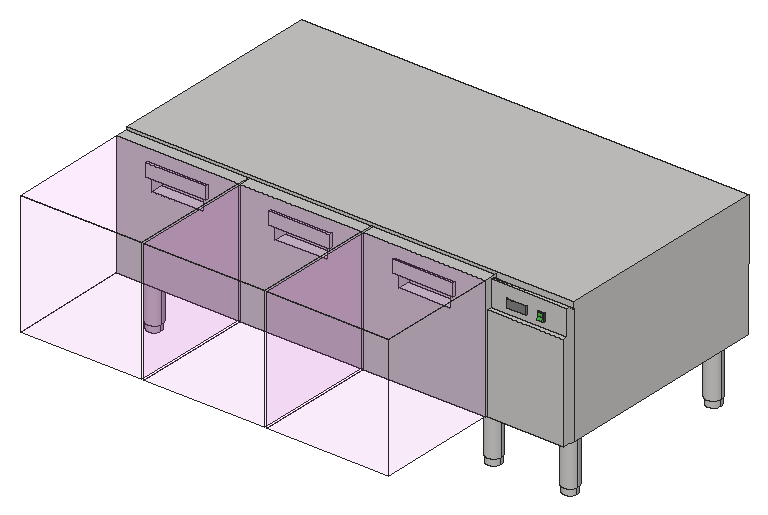
Revit family "QF_ELECTROLUXPROFESSIONAL_391600_E9TTBECOMKN", category Specialty Equipment, Revit 2018 (continued)
Lines and regions (mm)
  Split face 146
    outline origin (966.896, -448, 142.29) x (0, 0, -1) y (1, 0, 0)
      loop
        line (-116.984, -242.399) -> (-85.025, -242.399)
  Split face 147
    outline origin (978.896, -448, 142.29) x (0, 0, -1) y (1, 0, 0)
      loop
        arc (-85.025, -242.399) -> (-81.004, -238.41) -> (-85.004, -234.4) r 4
        line (-85.004, -234.4) -> (-117.004, -234.4)
        arc (-117.004, -234.4) -> (-121.004, -238.41) -> (-116.984, -242.399) r 4
        line (-116.984, -242.399) -> (-85.025, -242.399)
  Split face 148
    outline origin (990.896, -448, 142.29) x (0, 0, -1) y (1, 0, 0)
      loop
        arc (-85.025, -242.399) -> (-81.004, -238.41) -> (-85.004, -234.4) r 4
        line (-85.004, -234.4) -> (-117.004, -234.4)
        arc (-117.004, -234.4) -> (-121.004, -238.41) -> (-116.984, -242.399) r 4
        line (-116.984, -242.399) -> (-85.025, -242.399)
  Split face 149
    outline origin (1002.896, -448, 142.29) x (0, 0, -1) y (1, 0, 0)
      loop
        arc (-85.025, -242.399) -> (-81.004, -238.41) -> (-85.004, -234.4) r 4
        line (-85.004, -234.4) -> (-117.004, -234.4)
        arc (-117.004, -234.4) -> (-121.004, -238.41) -> (-116.984, -242.399) r 4
        line (-116.984, -242.399) -> (-85.025, -242.399)
  Split face 150
    outline origin (1014.896, -448, 142.29) x (0, 0, -1) y (1, 0, 0)
      loop
        arc (-85.025, -242.399) -> (-81.004, -238.41) -> (-85.004, -234.4) r 4
        line (-85.004, -234.4) -> (-117.004, -234.4)
        arc (-117.004, -234.4) -> (-121.004, -238.41) -> (-116.984, -242.399) r 4
        line (-116.984, -242.399) -> (-85.025, -242.399)
  Split face 151
    outline origin (787, -448, 142.29) x (0, 0, -1) y (1, 0, 0)
      loop
        arc (-85.025, -240.599) -> (-81.004, -236.61) -> (-85.004, -232.599) r 4
        line (-85.004, -232.599) -> (-117.004, -232.599)
        arc (-117.004, -232.599) -> (-121.004, -236.61) -> (-116.984, -240.599) r 4
        line (-116.984, -240.599) -> (-85.025, -240.599)
  symbolic lines, style "SpecialityEquipmentHiddenLines"
    curve 1: line (-799, 380, 0) -> (799, 380, 0)
    curve 2: line (-799, -448, 0) -> (-799, 380, 0)
    curve 3: line (799, -448, 0) -> (-799, -448, 0)
    curve 4: line (799, 380, 0) -> (799, -448, 0)
    curve 17: line (-799, -403, 0) -> (799, -403, 0)
  symbolic lines, style "QF_Door-Drawer Clearances"
    curve 5: line (-779, -448, 0) -> (-779, -573, 0)
    curve 6: line (-384.999, -573, 0) -> (-384.999, -448, 0)
    curve 7: line (-336.669, -448, 0) -> (-336.669, -573, 0)
    curve 8: line (57.331, -573, 0) -> (57.331, -448, 0)
    curve 9: line (-799, -573, 0) -> (-364.999, -573, 0)
    curve 10: line (-356.669, -573, 0) -> (77.331, -573, 0)
    curve 11: line (-799, -613, 0) -> (-364.999, -613, 0)
    curve 12: line (-356.669, -613, 0) -> (77.331, -613, 0)
    curve 13: line (-364.999, -613, 0) -> (-364.999, -573, 0)
    curve 14: line (-356.669, -573, 0) -> (-356.669, -613, 0)
    curve 15: line (-799, -573, 0) -> (-799, -613, 0)
    curve 16: line (77.331, -613, 0) -> (77.331, -573, 0)
    curve 18: line (105.661, -448, 0) -> (105.661, -573, 0)
    curve 19: line (499.661, -573, 0) -> (499.661, -448, 0)
    curve 20: line (85.661, -573, 0) -> (519.661, -573, 0)
    curve 21: line (85.661, -613, 0) -> (519.661, -613, 0)
    curve 22: line (85.661, -573, 0) -> (85.661, -613, 0)
    curve 23: line (519.661, -613, 0) -> (519.661, -573, 0)
Dimensions and locks
  plane 4 to level = 200 mm
  plane 5 "TOP" to level = 650 mm
  plane 5 "TOP" to plane 4 = 450 mm
  equal spacing: plane 8 "LEFT", plane 3 "Centro (Sinistra/Destra)", plane 9 "RIGHT"
  plane 8 "LEFT" to plane 9 "RIGHT" = 1600 mm
  equal spacing: plane 6 "BACK", plane 1 "Center X", plane 7 "FRONT"
  plane 6 "BACK" to plane 7 "FRONT" = 900 mm
  plane 6 "BACK" to plane 10 = 853 mm
  locked: plane 10 to plane 11 at 45
  locked: plane 8 "LEFT" to plane 12 at 55
  locked: plane 13 to plane 9 "RIGHT" at 55
  plane 12 to plane 14 = 1216 mm
  locked: plane 22 to plane 15 at 88
  locked: plane 16 to plane 11 at 98
  locked: plane 19 to plane 9 "RIGHT" at 1
  locked: plane 8 "LEFT" to plane 18 at 1
  plane 19 to plane 17 = 513 mm
  locked: plane 6 "BACK" to plane 20 at 160
  locked: plane 21 to plane 9 "RIGHT" at 40
  locked: plane 6 "BACK" to plane 22 at 70
  locked: plane 11 to plane 7 "FRONT" at 2
  plane 15 to plane 22 = 88 mm
  plane 11 to plane 16 = 98 mm
  plane 12 to plane 8 "LEFT" = 55 mm
  plane 14 to plane 12 = 1216 mm
  aligned and locked: level to plane 2
  aligned and locked: plane 12 to nested 1
  aligned and locked: nested 1 to plane 16
  aligned and locked: nested 2 to plane 15
  aligned and locked: plane 14 to nested 3
  aligned and locked: nested 4 to plane 14
  aligned and locked: plane 13 to nested 5
  aligned and locked: nested 6 to plane 13
  aligned and locked: Extrusion 1 sketch curve to plane 10
  aligned and locked: Extrusion 2 to plane 11
  aligned and locked: plane 4 to Extrusion 5
  aligned and locked: Extrusion 1 to plane 22
  aligned and locked: plane 15 to nested 6
  aligned and locked: plane 15 to nested 4
  aligned and locked: plane 16 to nested 5
  aligned and locked: plane 16 to nested 3
  aligned and locked: nested 2 to plane 12
Automatic sketch dimensions
  Extrusion 5 sketch curve to plane 20 = 30 mm
  Extrusion 5 sketch curve to plane 21 = 0 mm
  curve 1 to plane 18 = 0 mm
  curve 11 to plane 18 = 0 mm
  curve 5 to plane 11 = 0 mm
  curve 1 to plane 19 = 0 mm
  plane 10 to curve 17 = 0 mm
  curve 2 to plane 22 = 0 mm
  curve 11 to plane 7 "FRONT" = 163 mm
  curve 11 to plane 3 "Centro (Sinistra/Destra)" = 364.999 mm
  curve 11 to curve 12 = 8.33 mm
  plane 3 "Centro (Sinistra/Destra)" to curve 16 = 77.331 mm
  curve 10 to curve 20 = 8.33 mm
  plane 14 to curve 23 = 48.661 mm
  curve 21 to plane 7 "FRONT" = 163 mm
  curve 11 to curve 14 = 0 mm
  curve 12 to curve 16 = 40 mm
  curve 11 to curve 9 = 40 mm
  curve 10 to curve 20 = 0 mm
  curve 2 to curve 5 = 20 mm
  curve 6 to curve 9 = 20 mm
  curve 6 to curve 7 = 48.33 mm
  plane 3 "Centro (Sinistra/Destra)" to curve 8 = 57.331 mm
  curve 20 to curve 18 = 20 mm
  curve 19 to curve 20 = 20 mm
  Extrusion 1 sketch curve to plane 19 = 0 mm
  Extrusion 1 sketch curve to plane 18 = 0 mm
  plane 22 to Extrusion 1 sketch curve = 0 mm
  Extrusion 2 sketch curve to plane 18 = 0 mm
  plane 12 to Extrusion 2 sketch curve = 69.7 mm
  Extrusion 2 sketch curve to Extrusion 2 sketch curve = 186.601 mm
  Extrusion 2 sketch curve to plane 5 "TOP" = 9.006 mm
  Extrusion 2 sketch curve to Extrusion 2 sketch curve = 123.7 mm
  Extrusion 2 sketch curve to plane 5 "TOP" = 65 mm
  Extrusion 2 sketch curve to Extrusion 2 sketch curve = 78.294 mm
  plane 4 to Extrusion 2 sketch curve = 1.587 mm
  Extrusion 2 to Extrusion 3 sketch curve = 0 mm
  Extrusion 3 sketch curve to Extrusion 2 = 0 mm  (x3)
  Extrusion 4 sketch curve to Extrusion 2 = 15 mm  (x2)
  Extrusion 2 to Extrusion 4 sketch curve = 31.031 mm
  Extrusion 4 sketch curve to Extrusion 2 = 13.969 mm
  Extrusion 6 sketch curve to plane 11 = 0 mm
  Extrusion 6 sketch curve to plane 4 = 0 mm
  Extrusion 6 sketch curve to plane 10 = 0 mm
  plane 11 to Extrusion 6 sketch curve = 16.901 mm
  Extrusion 6 sketch curve to Extrusion 6 sketch curve = 11.336 mm
  plane 4 to Extrusion 6 sketch curve = 4.796 mm
  Extrusion 6 sketch curve to plane 10 = 15.163 mm
  Extrusion 6 sketch curve to plane 10 = 5.442 mm
  Extrusion 6 sketch curve to plane 5 "TOP" = 100.204 mm
  Extrusion 6 sketch curve to plane 5 "TOP" = 20.473 mm
  Extrusion 6 sketch curve to plane 5 "TOP" = 9.006 mm
  Extrusion 6 to Extrusion 7 sketch curve = 42.198 mm
  Extrusion 7 sketch curve to Extrusion 6 = 20 mm
  Extrusion 6 to Extrusion 7 sketch curve = 102.899 mm
  Extrusion 7 sketch curve to Extrusion 7 sketch curve = 22 mm
  Extrusion 6 to Extrusion 8 sketch curve = 42.198 mm
  Extrusion 8 sketch curve to Extrusion 6 = 20 mm
  Extrusion 6 to Extrusion 8 sketch curve = 54.901 mm
  Extrusion 8 sketch curve to Extrusion 8 sketch curve = 70 mm
  Split face 1 sketch curve to Extrusion 8 = 5 mm
  Split face 1 sketch curve to Extrusion 8 = 9 mm
  Split face 1 sketch curve to Extrusion 8 = 10 mm  (x2)
  Split face 2 sketch curve to Extrusion 8 = 12.5 mm
  Split face 2 sketch curve to Extrusion 8 = 7 mm
  Split face 3 sketch curve to Extrusion 8 = 7.5 mm
  Split face 3 sketch curve to Extrusion 8 = 7 mm
  Split face 4 sketch curve to Extrusion 8 = 11.5 mm
  Split face 4 sketch curve to Extrusion 8 = 7 mm
  Split face 5 sketch curve to Extrusion 8 = 7.5 mm
  Split face 5 sketch curve to Extrusion 8 = 7 mm
  Split face 6 sketch curve to Extrusion 8 = 12.5 mm
  Split face 6 sketch curve to Extrusion 8 = 7 mm
  Split face 7 sketch curve to Extrusion 8 = 11.5 mm
  Split face 7 sketch curve to Extrusion 8 = 7 mm
  Split face 8 sketch curve to Extrusion 8 = 7.047 mm
  Split face 8 sketch curve to Extrusion 8 = 2.047 mm
  Split face 8 sketch curve to Extrusion 8 = 10 mm
  Split face 8 sketch curve to Split face 8 sketch curve = 11 mm
  Split face 9 sketch curve to Extrusion 8 = 7.047 mm
  Split face 9 sketch curve to Extrusion 8 = 2.047 mm
  Split face 9 sketch curve to Extrusion 8 = 23 mm
  Split face 9 sketch curve to Split face 9 sketch curve = 11 mm
  Split face 10 sketch curve to Extrusion 8 = 7.047 mm
  Split face 10 sketch curve to Extrusion 8 = 2.047 mm
  Split face 10 sketch curve to Extrusion 8 = 34 mm
  Split face 10 sketch curve to Split face 10 sketch curve = 11 mm
  Split face 11 sketch curve to Extrusion 8 = 7.047 mm
  Split face 11 sketch curve to Extrusion 8 = 2.047 mm
  Split face 11 sketch curve to Extrusion 8 = 21 mm
  Split face 11 sketch curve to Extrusion 8 = 10 mm
  Extrusion 9 sketch curve to Extrusion 9 sketch curve = 0 mm  (x3)
  Extrusion 9 sketch curve to Extrusion 7 = 0 mm
  Extrusion 7 to Extrusion 9 sketch curve = 2.279 mm
  Extrusion 9 sketch curve to Extrusion 9 sketch curve = 0.116 mm
  Extrusion 9 sketch curve to Extrusion 9 sketch curve = 12.105 mm
  Extrusion 7 to Extrusion 9 sketch curve = 3.692 mm
  Extrusion 7 to Extrusion 9 sketch curve = 2.395 mm
  Split face 12 sketch curve to Extrusion 6 = 20.5 mm
  Split face 12 sketch curve to Split face 12 sketch curve = 0.02 mm  (x2)
  Split face 12 sketch curve to Split face 12 sketch curve = 31.959 mm
  Split face 12 sketch curve to Extrusion 6 = 30.401 mm
  Split face 12 sketch curve to Split face 12 sketch curve = 4 mm
  Split face 13 sketch curve to Extrusion 6 = 20.5 mm
  Split face 13 sketch curve to Split face 13 sketch curve = 0.02 mm  (x2)
  Split face 13 sketch curve to Split face 13 sketch curve = 31.959 mm
  Split face 13 sketch curve to Extrusion 6 = 42.4 mm
  Split face 13 sketch curve to Split face 13 sketch curve = 4 mm
  Split face 14 sketch curve to Extrusion 6 = 20.5 mm
  Split face 14 sketch curve to Split face 14 sketch curve = 0.02 mm  (x2)
  Split face 14 sketch curve to Split face 14 sketch curve = 31.959 mm
  Split face 14 sketch curve to Extrusion 6 = 54.4 mm
  Split face 14 sketch curve to Split face 14 sketch curve = 4 mm
  Split face 15 sketch curve to Extrusion 6 = 20.5 mm
  Split face 15 sketch curve to Split face 15 sketch curve = 0.02 mm  (x2)
  Split face 15 sketch curve to Split face 15 sketch curve = 31.959 mm
  Split face 15 sketch curve to Extrusion 6 = 66.297 mm
  Split face 15 sketch curve to Split face 15 sketch curve = 4 mm
  Split face 16 sketch curve to Extrusion 6 = 20.5 mm
  Split face 16 sketch curve to Split face 16 sketch curve = 0.02 mm  (x2)
  Split face 16 sketch curve to Split face 16 sketch curve = 31.959 mm
  Split face 16 sketch curve to Extrusion 6 = 78.297 mm
  Split face 16 sketch curve to Split face 16 sketch curve = 4 mm
  Split face 17 sketch curve to Extrusion 6 = 20.5 mm
  Split face 17 sketch curve to Split face 17 sketch curve = 0.02 mm  (x2)
  Split face 17 sketch curve to Split face 17 sketch curve = 31.959 mm
  Split face 17 sketch curve to Extrusion 6 = 90.297 mm
  Split face 17 sketch curve to Split face 17 sketch curve = 4 mm
  Split face 18 sketch curve to Extrusion 6 = 20.5 mm
  Split face 18 sketch curve to Split face 18 sketch curve = 0.02 mm  (x2)
  Split face 18 sketch curve to Split face 18 sketch curve = 31.959 mm
  Split face 18 sketch curve to Extrusion 6 = 102.297 mm
  Split face 18 sketch curve to Split face 18 sketch curve = 4 mm
  Split face 19 sketch curve to Extrusion 6 = 20.5 mm
  Split face 19 sketch curve to Split face 19 sketch curve = 0.02 mm  (x2)
  Split face 19 sketch curve to Split face 19 sketch curve = 31.959 mm
  Split face 19 sketch curve to Extrusion 6 = 114.297 mm
  Split face 19 sketch curve to Split face 19 sketch curve = 4 mm
  Split face 20 sketch curve to Extrusion 6 = 20.5 mm
  Split face 20 sketch curve to Split face 20 sketch curve = 0.02 mm  (x2)
  Split face 20 sketch curve to Split face 20 sketch curve = 31.959 mm
  Split face 20 sketch curve to Extrusion 6 = 126.297 mm
  Split face 20 sketch curve to Split face 20 sketch curve = 4 mm
  Split face 21 sketch curve to Extrusion 6 = 20.5 mm
  Split face 21 sketch curve to Split face 21 sketch curve = 0.02 mm  (x2)
  Split face 21 sketch curve to Split face 21 sketch curve = 31.959 mm
  Split face 21 sketch curve to Extrusion 6 = 134.503 mm
  Split face 21 sketch curve to Split face 21 sketch curve = 4 mm
  Split face 22 sketch curve to Extrusion 6 = 20.5 mm
  Split face 22 sketch curve to Split face 22 sketch curve = 0.02 mm  (x2)
  Split face 22 sketch curve to Split face 22 sketch curve = 31.959 mm
  Split face 22 sketch curve to Extrusion 6 = 122.504 mm
  Split face 22 sketch curve to Split face 22 sketch curve = 4 mm
  Split face 23 sketch curve to Extrusion 6 = 20.5 mm
  Split face 23 sketch curve to Split face 23 sketch curve = 0.02 mm  (x2)
  Split face 23 sketch curve to Split face 23 sketch curve = 31.959 mm
  Split face 23 sketch curve to Extrusion 6 = 110.503 mm
  Split face 23 sketch curve to Split face 23 sketch curve = 4 mm
  Split face 24 sketch curve to Extrusion 6 = 20.5 mm
  Split face 24 sketch curve to Split face 24 sketch curve = 0.02 mm  (x2)
  Split face 24 sketch curve to Split face 24 sketch curve = 31.959 mm
  Split face 24 sketch curve to Extrusion 6 = 98.503 mm
  Split face 24 sketch curve to Split face 24 sketch curve = 4 mm
  Split face 25 sketch curve to Extrusion 6 = 20.5 mm
  Split face 25 sketch curve to Split face 25 sketch curve = 0.02 mm  (x2)
  Split face 25 sketch curve to Split face 25 sketch curve = 31.959 mm
  Split face 25 sketch curve to Extrusion 6 = 86.503 mm
  Split face 25 sketch curve to Split face 25 sketch curve = 4 mm
  Split face 26 sketch curve to Extrusion 6 = 20.5 mm
  Split face 26 sketch curve to Split face 26 sketch curve = 0.02 mm  (x2)
  Split face 26 sketch curve to Split face 26 sketch curve = 31.959 mm
  Split face 26 sketch curve to Extrusion 6 = 74.504 mm
  Split face 26 sketch curve to Split face 26 sketch curve = 4 mm
  Split face 27 sketch curve to Extrusion 6 = 20.5 mm
  Split face 27 sketch curve to Split face 27 sketch curve = 0.02 mm  (x2)
  Split face 27 sketch curve to Split face 27 sketch curve = 31.959 mm
  Split face 27 sketch curve to Extrusion 6 = 62.503 mm
  Split face 27 sketch curve to Split face 27 sketch curve = 4 mm
  Split face 28 sketch curve to Extrusion 6 = 20.5 mm
  Split face 28 sketch curve to Split face 28 sketch curve = 0.02 mm  (x2)
  Split face 28 sketch curve to Split face 28 sketch curve = 31.959 mm
  Split face 28 sketch curve to Extrusion 6 = 50.504 mm
  Split face 28 sketch curve to Split face 28 sketch curve = 4 mm
  Split face 29 sketch curve to Extrusion 6 = 20.5 mm
  Split face 29 sketch curve to Split face 29 sketch curve = 0.02 mm  (x2)
  Split face 29 sketch curve to Split face 29 sketch curve = 31.959 mm
  Split face 29 sketch curve to Extrusion 6 = 38.504 mm
  Split face 29 sketch curve to Split face 29 sketch curve = 4 mm
  Split face 30 sketch curve to Extrusion 6 = 20.5 mm
  Split face 30 sketch curve to Split face 30 sketch curve = 0.02 mm  (x2)
  Split face 30 sketch curve to Split face 30 sketch curve = 31.959 mm
  Split face 30 sketch curve to Extrusion 6 = 26.504 mm
  Split face 30 sketch curve to Split face 30 sketch curve = 4 mm
  Split face 31 sketch curve to Extrusion 6 = 20.5 mm
  Split face 31 sketch curve to Split face 31 sketch curve = 0.02 mm  (x2)
  Split face 31 sketch curve to Split face 31 sketch curve = 31.959 mm
  Split face 31 sketch curve to Extrusion 6 = 18.401 mm
  Split face 31 sketch curve to Split face 31 sketch curve = 4 mm
  Split face 32 sketch curve to Extrusion 6 = 65.502 mm
  Split face 32 sketch curve to Split face 32 sketch curve = 0.02 mm  (x2)
  Split face 32 sketch curve to Split face 32 sketch curve = 31.959 mm
  Split face 32 sketch curve to Extrusion 6 = 30.401 mm
  Split face 32 sketch curve to Split face 32 sketch curve = 4 mm
  Split face 33 sketch curve to Extrusion 6 = 65.502 mm
  Split face 33 sketch curve to Split face 33 sketch curve = 0.02 mm  (x2)
  Split face 33 sketch curve to Split face 33 sketch curve = 31.959 mm
  Split face 33 sketch curve to Extrusion 6 = 42.4 mm
  Split face 33 sketch curve to Split face 33 sketch curve = 4 mm
  Split face 34 sketch curve to Extrusion 6 = 65.502 mm
  Split face 34 sketch curve to Split face 34 sketch curve = 0.02 mm  (x2)
  Split face 34 sketch curve to Split face 34 sketch curve = 31.959 mm
  Split face 34 sketch curve to Extrusion 6 = 54.4 mm
  Split face 34 sketch curve to Split face 34 sketch curve = 4 mm
  Split face 35 sketch curve to Extrusion 6 = 65.502 mm
  Split face 35 sketch curve to Split face 35 sketch curve = 0.02 mm  (x2)
  Split face 35 sketch curve to Split face 35 sketch curve = 31.959 mm
  Split face 35 sketch curve to Extrusion 6 = 66.297 mm
  Split face 35 sketch curve to Split face 35 sketch curve = 4 mm
  Split face 36 sketch curve to Extrusion 6 = 65.502 mm
  Split face 36 sketch curve to Split face 36 sketch curve = 0.02 mm  (x2)
  Split face 36 sketch curve to Split face 36 sketch curve = 31.959 mm
  Split face 36 sketch curve to Extrusion 6 = 78.297 mm
  Split face 36 sketch curve to Split face 36 sketch curve = 4 mm
  Split face 37 sketch curve to Extrusion 6 = 65.502 mm
  Split face 37 sketch curve to Split face 37 sketch curve = 0.02 mm  (x2)
  Split face 37 sketch curve to Split face 37 sketch curve = 31.959 mm
  Split face 37 sketch curve to Extrusion 6 = 90.297 mm
  Split face 37 sketch curve to Split face 37 sketch curve = 4 mm
  Split face 38 sketch curve to Extrusion 6 = 65.502 mm
  Split face 38 sketch curve to Split face 38 sketch curve = 0.02 mm  (x2)
  Split face 38 sketch curve to Split face 38 sketch curve = 31.959 mm
  Split face 38 sketch curve to Extrusion 6 = 102.297 mm
  Split face 38 sketch curve to Split face 38 sketch curve = 4 mm
  Split face 39 sketch curve to Extrusion 6 = 65.502 mm
  Split face 39 sketch curve to Split face 39 sketch curve = 0.02 mm  (x2)
  Split face 39 sketch curve to Split face 39 sketch curve = 31.959 mm
  Split face 39 sketch curve to Extrusion 6 = 114.297 mm
  Split face 39 sketch curve to Split face 39 sketch curve = 4 mm
  Split face 40 sketch curve to Extrusion 6 = 65.502 mm
  Split face 40 sketch curve to Split face 40 sketch curve = 0.02 mm  (x2)
  Split face 40 sketch curve to Split face 40 sketch curve = 31.959 mm
  Split face 40 sketch curve to Extrusion 6 = 126.297 mm
  Split face 40 sketch curve to Split face 40 sketch curve = 4 mm
  Split face 41 sketch curve to Extrusion 6 = 65.502 mm
  Split face 41 sketch curve to Split face 41 sketch curve = 0.02 mm  (x2)
  Split face 41 sketch curve to Split face 41 sketch curve = 31.959 mm
  Split face 41 sketch curve to Extrusion 6 = 134.503 mm
  Split face 41 sketch curve to Split face 41 sketch curve = 4 mm
  Split face 42 sketch curve to Extrusion 6 = 65.502 mm
  Split face 42 sketch curve to Split face 42 sketch curve = 0.02 mm  (x2)
  Split face 42 sketch curve to Split face 42 sketch curve = 31.959 mm
  Split face 42 sketch curve to Extrusion 6 = 122.504 mm
  Split face 42 sketch curve to Split face 42 sketch curve = 4 mm
  Split face 43 sketch curve to Extrusion 6 = 65.502 mm
  Split face 43 sketch curve to Split face 43 sketch curve = 0.02 mm  (x2)
  Split face 43 sketch curve to Split face 43 sketch curve = 31.959 mm
  Split face 43 sketch curve to Extrusion 6 = 110.503 mm
  Split face 43 sketch curve to Split face 43 sketch curve = 4 mm
  Split face 44 sketch curve to Extrusion 6 = 65.502 mm
  Split face 44 sketch curve to Split face 44 sketch curve = 0.02 mm  (x2)
  Split face 44 sketch curve to Split face 44 sketch curve = 31.959 mm
  Split face 44 sketch curve to Extrusion 6 = 98.503 mm
  Split face 44 sketch curve to Split face 44 sketch curve = 4 mm
  Split face 45 sketch curve to Extrusion 6 = 65.502 mm
  Split face 45 sketch curve to Split face 45 sketch curve = 0.02 mm  (x2)
  Split face 45 sketch curve to Split face 45 sketch curve = 31.959 mm
  Split face 45 sketch curve to Extrusion 6 = 86.503 mm
  Split face 45 sketch curve to Split face 45 sketch curve = 4 mm
  Split face 46 sketch curve to Extrusion 6 = 65.502 mm
  Split face 46 sketch curve to Split face 46 sketch curve = 0.02 mm  (x2)
  Split face 46 sketch curve to Split face 46 sketch curve = 31.959 mm
  Split face 46 sketch curve to Extrusion 6 = 74.504 mm
  Split face 46 sketch curve to Split face 46 sketch curve = 4 mm
  Split face 47 sketch curve to Extrusion 6 = 65.502 mm
  Split face 47 sketch curve to Split face 47 sketch curve = 0.02 mm  (x2)
  Split face 47 sketch curve to Split face 47 sketch curve = 31.959 mm
  Split face 47 sketch curve to Extrusion 6 = 62.503 mm
  Split face 47 sketch curve to Split face 47 sketch curve = 4 mm
  Split face 48 sketch curve to Extrusion 6 = 65.502 mm
  Split face 48 sketch curve to Split face 48 sketch curve = 0.02 mm  (x2)
  Split face 48 sketch curve to Split face 48 sketch curve = 31.959 mm
  Split face 48 sketch curve to Extrusion 6 = 50.504 mm
  Split face 48 sketch curve to Split face 48 sketch curve = 4 mm
  Split face 49 sketch curve to Extrusion 6 = 65.502 mm
  Split face 49 sketch curve to Split face 49 sketch curve = 0.02 mm  (x2)
  Split face 49 sketch curve to Split face 49 sketch curve = 31.959 mm
  Split face 49 sketch curve to Extrusion 6 = 38.504 mm
  Split face 49 sketch curve to Split face 49 sketch curve = 4 mm
  Split face 50 sketch curve to Extrusion 6 = 22.504 mm
  Split face 50 sketch curve to Extrusion 6 = 65.502 mm
  Split face 50 sketch curve to Split face 50 sketch curve = 0.02 mm  (x2)
  Split face 50 sketch curve to Split face 50 sketch curve = 31.959 mm
  Split face 50 sketch curve to Split face 50 sketch curve = 4 mm
  Split face 51 sketch curve to Extrusion 6 = 22.401 mm
  Split face 51 sketch curve to Extrusion 6 = 65.502 mm
  Split face 51 sketch curve to Split face 51 sketch curve = 0.02 mm  (x2)
  Split face 51 sketch curve to Split face 51 sketch curve = 31.959 mm
  Split face 51 sketch curve to Split face 51 sketch curve = 4 mm
  Split face 52 sketch curve to Extrusion 6 = 34.401 mm
  Split face 52 sketch curve to Extrusion 6 = 110.502 mm
  Split face 52 sketch curve to Split face 52 sketch curve = 0.02 mm  (x2)
  Split face 52 sketch curve to Split face 52 sketch curve = 31.959 mm
  Split face 52 sketch curve to Split face 52 sketch curve = 4 mm
  Split face 53 sketch curve to Extrusion 6 = 46.4 mm
  Split face 53 sketch curve to Extrusion 6 = 110.502 mm
  Split face 53 sketch curve to Split face 53 sketch curve = 0.02 mm  (x2)
  Split face 53 sketch curve to Split face 53 sketch curve = 31.959 mm
  Split face 53 sketch curve to Split face 53 sketch curve = 4 mm
  Split face 54 sketch curve to Extrusion 6 = 110.502 mm
  Split face 54 sketch curve to Split face 54 sketch curve = 0.02 mm  (x2)
  Split face 54 sketch curve to Split face 54 sketch curve = 31.959 mm
  Split face 54 sketch curve to Extrusion 6 = 54.4 mm
  Split face 54 sketch curve to Split face 54 sketch curve = 4 mm
  Split face 55 sketch curve to Extrusion 6 = 110.502 mm
  Split face 55 sketch curve to Split face 55 sketch curve = 0.02 mm  (x2)
  Split face 55 sketch curve to Split face 55 sketch curve = 31.959 mm
  Split face 55 sketch curve to Extrusion 6 = 66.297 mm
  Split face 55 sketch curve to Split face 55 sketch curve = 4 mm
  Split face 56 sketch curve to Extrusion 6 = 110.502 mm
  Split face 56 sketch curve to Split face 56 sketch curve = 0.02 mm  (x2)
  Split face 56 sketch curve to Split face 56 sketch curve = 31.959 mm
  Split face 56 sketch curve to Extrusion 6 = 78.297 mm
  Split face 56 sketch curve to Split face 56 sketch curve = 4 mm
  Split face 57 sketch curve to Extrusion 6 = 110.502 mm
  Split face 57 sketch curve to Split face 57 sketch curve = 0.02 mm  (x2)
  Split face 57 sketch curve to Split face 57 sketch curve = 31.959 mm
  Split face 57 sketch curve to Extrusion 6 = 90.297 mm
  Split face 57 sketch curve to Split face 57 sketch curve = 4 mm
  Split face 58 sketch curve to Extrusion 6 = 110.502 mm
  Split face 58 sketch curve to Split face 58 sketch curve = 0.02 mm  (x2)
  Split face 58 sketch curve to Split face 58 sketch curve = 31.959 mm
  Split face 58 sketch curve to Extrusion 6 = 102.297 mm
  Split face 58 sketch curve to Split face 58 sketch curve = 4 mm
  Split face 59 sketch curve to Extrusion 6 = 110.502 mm
  Split face 59 sketch curve to Split face 59 sketch curve = 0.02 mm  (x2)
  Split face 59 sketch curve to Split face 59 sketch curve = 31.959 mm
  Split face 59 sketch curve to Extrusion 6 = 114.297 mm
  Split face 59 sketch curve to Split face 59 sketch curve = 4 mm
  Split face 60 sketch curve to Extrusion 6 = 110.502 mm
  Split face 60 sketch curve to Split face 60 sketch curve = 0.02 mm  (x2)
  Split face 60 sketch curve to Split face 60 sketch curve = 31.959 mm
  Split face 60 sketch curve to Extrusion 6 = 126.297 mm
  Split face 60 sketch curve to Split face 60 sketch curve = 4 mm
  Split face 61 sketch curve to Extrusion 6 = 110.502 mm
  Split face 61 sketch curve to Split face 61 sketch curve = 0.02 mm  (x2)
  Split face 61 sketch curve to Split face 61 sketch curve = 31.959 mm
  Split face 61 sketch curve to Extrusion 6 = 134.503 mm
  Split face 61 sketch curve to Split face 61 sketch curve = 4 mm
  Split face 62 sketch curve to Extrusion 6 = 110.502 mm
  Split face 62 sketch curve to Split face 62 sketch curve = 0.02 mm  (x2)
  Split face 62 sketch curve to Split face 62 sketch curve = 31.959 mm
  Split face 62 sketch curve to Extrusion 6 = 122.504 mm
  Split face 62 sketch curve to Split face 62 sketch curve = 4 mm
  Split face 63 sketch curve to Extrusion 6 = 110.502 mm
  Split face 63 sketch curve to Split face 63 sketch curve = 0.02 mm  (x2)
  Split face 63 sketch curve to Split face 63 sketch curve = 31.959 mm
  Split face 63 sketch curve to Extrusion 6 = 110.503 mm
  Split face 63 sketch curve to Split face 63 sketch curve = 4 mm
  Split face 64 sketch curve to Extrusion 6 = 110.502 mm
  Split face 64 sketch curve to Split face 64 sketch curve = 0.02 mm  (x2)
  Split face 64 sketch curve to Split face 64 sketch curve = 31.959 mm
  Split face 64 sketch curve to Extrusion 6 = 98.503 mm
  Split face 64 sketch curve to Split face 64 sketch curve = 4 mm
  Split face 65 sketch curve to Extrusion 6 = 110.502 mm
  Split face 65 sketch curve to Split face 65 sketch curve = 0.02 mm  (x2)
  Split face 65 sketch curve to Split face 65 sketch curve = 31.959 mm
  Split face 65 sketch curve to Extrusion 6 = 86.503 mm
  Split face 65 sketch curve to Split face 65 sketch curve = 4 mm
  Split face 66 sketch curve to Extrusion 6 = 110.502 mm
  Split face 66 sketch curve to Split face 66 sketch curve = 0.02 mm  (x2)
  Split face 66 sketch curve to Split face 66 sketch curve = 31.959 mm
  Split face 66 sketch curve to Extrusion 6 = 74.504 mm
  Split face 66 sketch curve to Split face 66 sketch curve = 4 mm
  Split face 67 sketch curve to Extrusion 6 = 110.502 mm
  Split face 67 sketch curve to Split face 67 sketch curve = 0.02 mm  (x2)
  Split face 67 sketch curve to Split face 67 sketch curve = 31.959 mm
  Split face 67 sketch curve to Extrusion 6 = 62.503 mm
  Split face 67 sketch curve to Split face 67 sketch curve = 4 mm
  Split face 68 sketch curve to Extrusion 6 = 46.504 mm
  Split face 68 sketch curve to Extrusion 6 = 110.502 mm
  Split face 68 sketch curve to Split face 68 sketch curve = 0.02 mm  (x2)
  Split face 68 sketch curve to Split face 68 sketch curve = 31.959 mm
  Split face 68 sketch curve to Split face 68 sketch curve = 4 mm
  Split face 69 sketch curve to Extrusion 6 = 34.504 mm
  Split face 69 sketch curve to Extrusion 6 = 110.502 mm
  Split face 69 sketch curve to Split face 69 sketch curve = 0.02 mm  (x2)
  Split face 69 sketch curve to Split face 69 sketch curve = 31.959 mm
  Split face 69 sketch curve to Split face 69 sketch curve = 4 mm
  Split face 70 sketch curve to Extrusion 6 = 22.504 mm
  Split face 70 sketch curve to Extrusion 6 = 110.502 mm
  Split face 70 sketch curve to Split face 70 sketch curve = 0.02 mm  (x2)
  Split face 70 sketch curve to Split face 70 sketch curve = 31.959 mm
  Split face 70 sketch curve to Split face 70 sketch curve = 4 mm
  Split face 71 sketch curve to Extrusion 6 = 22.401 mm
  Split face 71 sketch curve to Extrusion 6 = 110.502 mm
  Split face 71 sketch curve to Split face 71 sketch curve = 0.02 mm  (x2)
  Split face 71 sketch curve to Split face 71 sketch curve = 31.959 mm
  Split face 71 sketch curve to Split face 71 sketch curve = 4 mm
  Split face 72 sketch curve to Extrusion 6 = 34.401 mm
  Split face 72 sketch curve to Extrusion 6 = 155.502 mm
  Split face 72 sketch curve to Split face 72 sketch curve = 0.02 mm  (x2)
  Split face 72 sketch curve to Split face 72 sketch curve = 31.959 mm
  Split face 72 sketch curve to Split face 72 sketch curve = 4 mm
  Split face 73 sketch curve to Extrusion 6 = 46.4 mm
  Split face 73 sketch curve to Extrusion 6 = 155.502 mm
  Split face 73 sketch curve to Split face 73 sketch curve = 0.02 mm  (x2)
  Split face 73 sketch curve to Split face 73 sketch curve = 31.959 mm
  Split face 73 sketch curve to Split face 73 sketch curve = 4 mm
  Split face 74 sketch curve to Extrusion 6 = 58.4 mm
  Split face 74 sketch curve to Extrusion 6 = 155.502 mm
  Split face 74 sketch curve to Split face 74 sketch curve = 0.02 mm  (x2)
  Split face 74 sketch curve to Split face 74 sketch curve = 31.959 mm
  Split face 74 sketch curve to Split face 74 sketch curve = 4 mm
  Split face 75 sketch curve to Extrusion 6 = 70.297 mm
  Split face 75 sketch curve to Extrusion 6 = 155.502 mm
  Split face 75 sketch curve to Split face 75 sketch curve = 0.02 mm  (x2)
  Split face 75 sketch curve to Split face 75 sketch curve = 31.959 mm
  Split face 75 sketch curve to Split face 75 sketch curve = 4 mm
  Split face 76 sketch curve to Extrusion 6 = 155.502 mm
  Split face 76 sketch curve to Split face 76 sketch curve = 0.02 mm  (x2)
  Split face 76 sketch curve to Split face 76 sketch curve = 31.959 mm
  Split face 76 sketch curve to Extrusion 6 = 78.297 mm
  Split face 76 sketch curve to Split face 76 sketch curve = 4 mm
  Split face 77 sketch curve to Extrusion 6 = 155.502 mm
  Split face 77 sketch curve to Split face 77 sketch curve = 0.02 mm  (x2)
  Split face 77 sketch curve to Split face 77 sketch curve = 31.959 mm
  Split face 77 sketch curve to Extrusion 6 = 90.297 mm
  Split face 77 sketch curve to Split face 77 sketch curve = 4 mm
  Split face 78 sketch curve to Extrusion 6 = 155.502 mm
  Split face 78 sketch curve to Split face 78 sketch curve = 0.02 mm  (x2)
  Split face 78 sketch curve to Split face 78 sketch curve = 31.959 mm
  Split face 78 sketch curve to Extrusion 6 = 102.297 mm
  Split face 78 sketch curve to Split face 78 sketch curve = 4 mm
  Split face 79 sketch curve to Extrusion 6 = 155.502 mm
  Split face 79 sketch curve to Split face 79 sketch curve = 0.02 mm  (x2)
  Split face 79 sketch curve to Split face 79 sketch curve = 31.959 mm
  Split face 79 sketch curve to Extrusion 6 = 114.297 mm
  Split face 79 sketch curve to Split face 79 sketch curve = 4 mm
  Split face 80 sketch curve to Extrusion 6 = 155.502 mm
  Split face 80 sketch curve to Split face 80 sketch curve = 0.02 mm  (x2)
  Split face 80 sketch curve to Split face 80 sketch curve = 31.959 mm
  Split face 80 sketch curve to Extrusion 6 = 126.297 mm
  Split face 80 sketch curve to Split face 80 sketch curve = 4 mm
  Split face 81 sketch curve to Extrusion 6 = 155.502 mm
  Split face 81 sketch curve to Split face 81 sketch curve = 0.02 mm  (x2)
  Split face 81 sketch curve to Split face 81 sketch curve = 31.959 mm
  Split face 81 sketch curve to Extrusion 6 = 134.503 mm
  Split face 81 sketch curve to Split face 81 sketch curve = 4 mm
  Split face 82 sketch curve to Extrusion 6 = 155.502 mm
  Split face 82 sketch curve to Split face 82 sketch curve = 0.02 mm  (x2)
  Split face 82 sketch curve to Split face 82 sketch curve = 31.959 mm
  Split face 82 sketch curve to Extrusion 6 = 122.504 mm
  Split face 82 sketch curve to Split face 82 sketch curve = 4 mm
  Split face 83 sketch curve to Extrusion 6 = 155.502 mm
  Split face 83 sketch curve to Split face 83 sketch curve = 0.02 mm  (x2)
  Split face 83 sketch curve to Split face 83 sketch curve = 31.959 mm
  Split face 83 sketch curve to Extrusion 6 = 110.503 mm
  Split face 83 sketch curve to Split face 83 sketch curve = 4 mm
  Split face 84 sketch curve to Extrusion 6 = 155.502 mm
  Split face 84 sketch curve to Split face 84 sketch curve = 0.02 mm  (x2)
  Split face 84 sketch curve to Split face 84 sketch curve = 31.959 mm
  Split face 84 sketch curve to Extrusion 6 = 98.503 mm
  Split face 84 sketch curve to Split face 84 sketch curve = 4 mm
  Split face 85 sketch curve to Extrusion 6 = 155.502 mm
  Split face 85 sketch curve to Split face 85 sketch curve = 0.02 mm  (x2)
  Split face 85 sketch curve to Split face 85 sketch curve = 31.959 mm
  Split face 85 sketch curve to Extrusion 6 = 86.503 mm
  Split face 85 sketch curve to Split face 85 sketch curve = 4 mm
  Split face 86 sketch curve to Extrusion 6 = 70.504 mm
  Split face 86 sketch curve to Extrusion 6 = 155.502 mm
  Split face 86 sketch curve to Split face 86 sketch curve = 0.02 mm  (x2)
  Split face 86 sketch curve to Split face 86 sketch curve = 31.959 mm
  Split face 86 sketch curve to Split face 86 sketch curve = 4 mm
  Split face 87 sketch curve to Extrusion 6 = 58.503 mm
  Split face 87 sketch curve to Extrusion 6 = 155.502 mm
  Split face 87 sketch curve to Split face 87 sketch curve = 0.02 mm  (x2)
  Split face 87 sketch curve to Split face 87 sketch curve = 31.959 mm
  Split face 87 sketch curve to Split face 87 sketch curve = 4 mm
  Split face 88 sketch curve to Extrusion 6 = 46.504 mm
  Split face 88 sketch curve to Extrusion 6 = 155.502 mm
  Split face 88 sketch curve to Split face 88 sketch curve = 0.02 mm  (x2)
  Split face 88 sketch curve to Split face 88 sketch curve = 31.959 mm
  Split face 88 sketch curve to Split face 88 sketch curve = 4 mm
  Split face 89 sketch curve to Extrusion 6 = 34.504 mm
  Split face 89 sketch curve to Extrusion 6 = 155.502 mm
  Split face 89 sketch curve to Split face 89 sketch curve = 0.02 mm  (x2)
  Split face 89 sketch curve to Split face 89 sketch curve = 31.959 mm
  Split face 89 sketch curve to Split face 89 sketch curve = 4 mm
  Split face 90 sketch curve to Extrusion 6 = 22.504 mm
  Split face 90 sketch curve to Extrusion 6 = 155.502 mm
  Split face 90 sketch curve to Split face 90 sketch curve = 0.02 mm  (x2)
  Split face 90 sketch curve to Split face 90 sketch curve = 31.959 mm
  Split face 90 sketch curve to Split face 90 sketch curve = 4 mm
  Split face 91 sketch curve to Extrusion 6 = 22.401 mm
  Split face 91 sketch curve to Extrusion 6 = 155.502 mm
  Split face 91 sketch curve to Split face 91 sketch curve = 0.02 mm  (x2)
  Split face 91 sketch curve to Split face 91 sketch curve = 31.959 mm
  Split face 91 sketch curve to Split face 91 sketch curve = 4 mm
  Split face 92 sketch curve to Extrusion 6 = 34.401 mm
  Split face 92 sketch curve to Extrusion 6 = 144.498 mm
  Split face 92 sketch curve to Split face 92 sketch curve = 0.02 mm  (x2)
  Split face 92 sketch curve to Split face 92 sketch curve = 31.959 mm
  Split face 92 sketch curve to Split face 92 sketch curve = 4 mm
  Split face 93 sketch curve to Extrusion 6 = 46.4 mm
  Split face 93 sketch curve to Extrusion 6 = 144.498 mm
  Split face 93 sketch curve to Split face 93 sketch curve = 0.02 mm  (x2)
  Split face 93 sketch curve to Split face 93 sketch curve = 31.959 mm
  Split face 93 sketch curve to Split face 93 sketch curve = 4 mm
  Split face 94 sketch curve to Extrusion 6 = 58.4 mm
  Split face 94 sketch curve to Extrusion 6 = 144.498 mm
  Split face 94 sketch curve to Split face 94 sketch curve = 0.02 mm  (x2)
  Split face 94 sketch curve to Split face 94 sketch curve = 31.959 mm
  Split face 94 sketch curve to Split face 94 sketch curve = 4 mm
  Split face 95 sketch curve to Extrusion 6 = 70.297 mm
  Split face 95 sketch curve to Extrusion 6 = 144.498 mm
  Split face 95 sketch curve to Split face 95 sketch curve = 0.02 mm  (x2)
  Split face 95 sketch curve to Split face 95 sketch curve = 31.959 mm
  Split face 95 sketch curve to Split face 95 sketch curve = 4 mm
  Split face 96 sketch curve to Extrusion 6 = 144.498 mm
  Split face 96 sketch curve to Split face 96 sketch curve = 0.02 mm  (x2)
  Split face 96 sketch curve to Split face 96 sketch curve = 31.959 mm
  Split face 96 sketch curve to Extrusion 6 = 78.297 mm
  Split face 96 sketch curve to Split face 96 sketch curve = 4 mm
  Split face 97 sketch curve to Extrusion 6 = 144.498 mm
  Split face 97 sketch curve to Split face 97 sketch curve = 0.02 mm  (x2)
  Split face 97 sketch curve to Split face 97 sketch curve = 31.959 mm
  Split face 97 sketch curve to Extrusion 6 = 90.297 mm
  Split face 97 sketch curve to Split face 97 sketch curve = 4 mm
  Split face 98 sketch curve to Extrusion 6 = 144.498 mm
  Split face 98 sketch curve to Split face 98 sketch curve = 0.02 mm  (x2)
  Split face 98 sketch curve to Split face 98 sketch curve = 31.959 mm
  Split face 98 sketch curve to Extrusion 6 = 102.297 mm
  Split face 98 sketch curve to Split face 98 sketch curve = 4 mm
  Split face 99 sketch curve to Extrusion 6 = 144.498 mm
  Split face 99 sketch curve to Split face 99 sketch curve = 0.02 mm  (x2)
  Split face 99 sketch curve to Split face 99 sketch curve = 31.959 mm
  Split face 99 sketch curve to Extrusion 6 = 114.297 mm
  Split face 99 sketch curve to Split face 99 sketch curve = 4 mm
  Split face 100 sketch curve to Extrusion 6 = 144.498 mm
  Split face 100 sketch curve to Split face 100 sketch curve = 0.02 mm  (x2)
  Split face 100 sketch curve to Split face 100 sketch curve = 31.959 mm
  Split face 100 sketch curve to Extrusion 6 = 126.297 mm
  Split face 100 sketch curve to Split face 100 sketch curve = 4 mm
  Split face 101 sketch curve to Extrusion 6 = 144.498 mm
  Split face 101 sketch curve to Split face 101 sketch curve = 0.02 mm  (x2)
  Split face 101 sketch curve to Split face 101 sketch curve = 31.959 mm
  Split face 101 sketch curve to Extrusion 6 = 134.503 mm
  Split face 101 sketch curve to Split face 101 sketch curve = 4 mm
  Split face 102 sketch curve to Extrusion 6 = 144.498 mm
  Split face 102 sketch curve to Split face 102 sketch curve = 0.02 mm  (x2)
  Split face 102 sketch curve to Split face 102 sketch curve = 31.959 mm
  Split face 102 sketch curve to Extrusion 6 = 122.504 mm
  Split face 102 sketch curve to Split face 102 sketch curve = 4 mm
  Split face 103 sketch curve to Extrusion 6 = 144.498 mm
  Split face 103 sketch curve to Split face 103 sketch curve = 0.02 mm  (x2)
  Split face 103 sketch curve to Split face 103 sketch curve = 31.959 mm
  Split face 103 sketch curve to Extrusion 6 = 110.503 mm
  Split face 103 sketch curve to Split face 103 sketch curve = 4 mm
  Split face 104 sketch curve to Extrusion 6 = 144.498 mm
  Split face 104 sketch curve to Split face 104 sketch curve = 0.02 mm  (x2)
  Split face 104 sketch curve to Split face 104 sketch curve = 31.959 mm
  Split face 104 sketch curve to Extrusion 6 = 98.503 mm
  Split face 104 sketch curve to Split face 104 sketch curve = 4 mm
  Split face 105 sketch curve to Extrusion 6 = 144.498 mm
  Split face 105 sketch curve to Split face 105 sketch curve = 0.02 mm  (x2)
  Split face 105 sketch curve to Split face 105 sketch curve = 31.959 mm
  Split face 105 sketch curve to Extrusion 6 = 86.503 mm
  Split face 105 sketch curve to Split face 105 sketch curve = 4 mm
  Split face 106 sketch curve to Extrusion 6 = 70.504 mm
  Split face 106 sketch curve to Extrusion 6 = 144.498 mm
  Split face 106 sketch curve to Split face 106 sketch curve = 0.02 mm  (x2)
  Split face 106 sketch curve to Split face 106 sketch curve = 31.959 mm
  Split face 106 sketch curve to Split face 106 sketch curve = 4 mm
  Split face 107 sketch curve to Extrusion 6 = 58.503 mm
  Split face 107 sketch curve to Extrusion 6 = 144.498 mm
  Split face 107 sketch curve to Split face 107 sketch curve = 0.02 mm  (x2)
  Split face 107 sketch curve to Split face 107 sketch curve = 31.959 mm
  Split face 107 sketch curve to Split face 107 sketch curve = 4 mm
  Split face 108 sketch curve to Extrusion 6 = 46.504 mm
  Split face 108 sketch curve to Extrusion 6 = 144.498 mm
  Split face 108 sketch curve to Split face 108 sketch curve = 0.02 mm  (x2)
  Split face 108 sketch curve to Split face 108 sketch curve = 31.959 mm
  Split face 108 sketch curve to Split face 108 sketch curve = 4 mm
  Split face 109 sketch curve to Extrusion 6 = 34.504 mm
  Split face 109 sketch curve to Extrusion 6 = 144.498 mm
  Split face 109 sketch curve to Split face 109 sketch curve = 0.02 mm  (x2)
  Split face 109 sketch curve to Split face 109 sketch curve = 31.959 mm
  Split face 109 sketch curve to Split face 109 sketch curve = 4 mm
  Split face 110 sketch curve to Extrusion 6 = 22.504 mm
  Split face 110 sketch curve to Extrusion 6 = 144.498 mm
  Split face 110 sketch curve to Split face 110 sketch curve = 0.02 mm  (x2)
  Split face 110 sketch curve to Split face 110 sketch curve = 31.959 mm
  Split face 110 sketch curve to Split face 110 sketch curve = 4 mm
  Split face 111 sketch curve to Extrusion 6 = 22.401 mm
  Split face 111 sketch curve to Extrusion 6 = 144.498 mm
  Split face 111 sketch curve to Split face 111 sketch curve = 0.02 mm  (x2)
  Split face 111 sketch curve to Split face 111 sketch curve = 31.959 mm
  Split face 111 sketch curve to Split face 111 sketch curve = 4 mm
  Split face 112 sketch curve to Extrusion 6 = 34.401 mm
  Split face 112 sketch curve to Extrusion 6 = 99.499 mm
  Split face 112 sketch curve to Split face 112 sketch curve = 0.02 mm  (x2)
  Split face 112 sketch curve to Split face 112 sketch curve = 31.959 mm
  Split face 112 sketch curve to Split face 112 sketch curve = 4 mm
  Split face 113 sketch curve to Extrusion 6 = 46.4 mm
  Split face 113 sketch curve to Extrusion 6 = 99.499 mm
  Split face 113 sketch curve to Split face 113 sketch curve = 0.02 mm  (x2)
  Split face 113 sketch curve to Split face 113 sketch curve = 31.959 mm
  Split face 113 sketch curve to Split face 113 sketch curve = 4 mm
  Split face 114 sketch curve to Extrusion 6 = 99.499 mm
  Split face 114 sketch curve to Split face 114 sketch curve = 0.02 mm  (x2)
  Split face 114 sketch curve to Split face 114 sketch curve = 31.959 mm
  Split face 114 sketch curve to Extrusion 6 = 54.4 mm
  Split face 114 sketch curve to Split face 114 sketch curve = 4 mm
  Split face 115 sketch curve to Extrusion 6 = 99.499 mm
  Split face 115 sketch curve to Split face 115 sketch curve = 0.02 mm  (x2)
  Split face 115 sketch curve to Split face 115 sketch curve = 31.959 mm
  Split face 115 sketch curve to Extrusion 6 = 66.297 mm
  Split face 115 sketch curve to Split face 115 sketch curve = 4 mm
  Split face 116 sketch curve to Extrusion 6 = 99.499 mm
  Split face 116 sketch curve to Split face 116 sketch curve = 0.02 mm  (x2)
  Split face 116 sketch curve to Split face 116 sketch curve = 31.959 mm
  Split face 116 sketch curve to Extrusion 6 = 78.297 mm
  Split face 116 sketch curve to Split face 116 sketch curve = 4 mm
  Split face 117 sketch curve to Extrusion 6 = 99.499 mm
  Split face 117 sketch curve to Split face 117 sketch curve = 0.02 mm  (x2)
  Split face 117 sketch curve to Split face 117 sketch curve = 31.959 mm
  Split face 117 sketch curve to Extrusion 6 = 90.297 mm
  Split face 117 sketch curve to Split face 117 sketch curve = 4 mm
  Split face 118 sketch curve to Extrusion 6 = 99.499 mm
  Split face 118 sketch curve to Split face 118 sketch curve = 0.02 mm  (x2)
  Split face 118 sketch curve to Split face 118 sketch curve = 31.959 mm
  Split face 118 sketch curve to Extrusion 6 = 102.297 mm
  Split face 118 sketch curve to Split face 118 sketch curve = 4 mm
  Split face 119 sketch curve to Extrusion 6 = 99.499 mm
  Split face 119 sketch curve to Split face 119 sketch curve = 0.02 mm  (x2)
  Split face 119 sketch curve to Split face 119 sketch curve = 31.959 mm
  Split face 119 sketch curve to Extrusion 6 = 114.297 mm
  Split face 119 sketch curve to Split face 119 sketch curve = 4 mm
  Split face 120 sketch curve to Extrusion 6 = 99.499 mm
  Split face 120 sketch curve to Split face 120 sketch curve = 0.02 mm  (x2)
  Split face 120 sketch curve to Split face 120 sketch curve = 31.959 mm
  Split face 120 sketch curve to Extrusion 6 = 126.297 mm
  Split face 120 sketch curve to Split face 120 sketch curve = 4 mm
  Split face 121 sketch curve to Extrusion 6 = 99.499 mm
  Split face 121 sketch curve to Split face 121 sketch curve = 0.02 mm  (x2)
  Split face 121 sketch curve to Split face 121 sketch curve = 31.959 mm
  Split face 121 sketch curve to Extrusion 6 = 134.503 mm
  Split face 121 sketch curve to Split face 121 sketch curve = 4 mm
  Split face 122 sketch curve to Extrusion 6 = 99.499 mm
  Split face 122 sketch curve to Split face 122 sketch curve = 0.02 mm  (x2)
  Split face 122 sketch curve to Split face 122 sketch curve = 31.959 mm
  Split face 122 sketch curve to Extrusion 6 = 122.504 mm
  Split face 122 sketch curve to Split face 122 sketch curve = 4 mm
  Split face 123 sketch curve to Extrusion 6 = 99.499 mm
  Split face 123 sketch curve to Split face 123 sketch curve = 0.02 mm  (x2)
  Split face 123 sketch curve to Split face 123 sketch curve = 31.959 mm
  Split face 123 sketch curve to Extrusion 6 = 110.503 mm
  Split face 123 sketch curve to Split face 123 sketch curve = 4 mm
  Split face 124 sketch curve to Extrusion 6 = 99.499 mm
  Split face 124 sketch curve to Split face 124 sketch curve = 0.02 mm  (x2)
  Split face 124 sketch curve to Split face 124 sketch curve = 31.959 mm
  Split face 124 sketch curve to Extrusion 6 = 98.503 mm
  Split face 124 sketch curve to Split face 124 sketch curve = 4 mm
  Split face 125 sketch curve to Extrusion 6 = 99.499 mm
  Split face 125 sketch curve to Split face 125 sketch curve = 0.02 mm  (x2)
  Split face 125 sketch curve to Split face 125 sketch curve = 31.959 mm
  Split face 125 sketch curve to Extrusion 6 = 86.503 mm
  Split face 125 sketch curve to Split face 125 sketch curve = 4 mm
  Split face 126 sketch curve to Extrusion 6 = 99.499 mm
  Split face 126 sketch curve to Split face 126 sketch curve = 0.02 mm  (x2)
  Split face 126 sketch curve to Split face 126 sketch curve = 31.959 mm
  Split face 126 sketch curve to Extrusion 6 = 74.504 mm
  Split face 126 sketch curve to Split face 126 sketch curve = 4 mm
  Split face 127 sketch curve to Extrusion 6 = 99.499 mm
  Split face 127 sketch curve to Split face 127 sketch curve = 0.02 mm  (x2)
  Split face 127 sketch curve to Split face 127 sketch curve = 31.959 mm
  Split face 127 sketch curve to Extrusion 6 = 62.503 mm
  Split face 127 sketch curve to Split face 127 sketch curve = 4 mm
  Split face 128 sketch curve to Extrusion 6 = 46.504 mm
  Split face 128 sketch curve to Extrusion 6 = 99.499 mm
  Split face 128 sketch curve to Split face 128 sketch curve = 0.02 mm  (x2)
  Split face 128 sketch curve to Split face 128 sketch curve = 31.959 mm
  Split face 128 sketch curve to Split face 128 sketch curve = 4 mm
  Split face 129 sketch curve to Extrusion 6 = 34.504 mm
  Split face 129 sketch curve to Extrusion 6 = 99.499 mm
  Split face 129 sketch curve to Split face 129 sketch curve = 0.02 mm  (x2)
  Split face 129 sketch curve to Split face 129 sketch curve = 31.959 mm
  Split face 129 sketch curve to Split face 129 sketch curve = 4 mm
  Split face 130 sketch curve to Extrusion 6 = 22.504 mm
  Split face 130 sketch curve to Extrusion 6 = 99.499 mm
  Split face 130 sketch curve to Split face 130 sketch curve = 0.02 mm  (x2)
  Split face 130 sketch curve to Split face 130 sketch curve = 31.959 mm
  Split face 130 sketch curve to Split face 130 sketch curve = 4 mm
  Split face 131 sketch curve to Extrusion 6 = 22.401 mm
  Split face 131 sketch curve to Extrusion 6 = 99.499 mm
  Split face 131 sketch curve to Split face 131 sketch curve = 0.02 mm  (x2)
  Split face 131 sketch curve to Split face 131 sketch curve = 31.959 mm
  Split face 131 sketch curve to Split face 131 sketch curve = 4 mm
  Split face 132 sketch curve to Extrusion 6 = 54.499 mm
  Split face 132 sketch curve to Split face 132 sketch curve = 0.02 mm  (x2)
  Split face 132 sketch curve to Extrusion 6 = 22.519 mm
  Split face 132 sketch curve to Extrusion 6 = 30.401 mm
  Split face 132 sketch curve to Split face 132 sketch curve = 4 mm
  Split face 133 sketch curve to Extrusion 6 = 54.499 mm
  Split face 133 sketch curve to Split face 133 sketch curve = 0.02 mm  (x2)
  Split face 133 sketch curve to Extrusion 6 = 22.519 mm
  Split face 133 sketch curve to Extrusion 6 = 42.4 mm
  Split face 133 sketch curve to Split face 133 sketch curve = 4 mm
  Split face 134 sketch curve to Extrusion 6 = 54.499 mm
  Split face 134 sketch curve to Split face 134 sketch curve = 0.02 mm  (x2)
  Split face 134 sketch curve to Extrusion 6 = 22.519 mm
  Split face 134 sketch curve to Extrusion 6 = 54.4 mm
  Split face 134 sketch curve to Split face 134 sketch curve = 4 mm
  Split face 135 sketch curve to Extrusion 6 = 54.499 mm
  Split face 135 sketch curve to Split face 135 sketch curve = 0.02 mm  (x2)
  Split face 135 sketch curve to Extrusion 6 = 22.519 mm
  Split face 135 sketch curve to Extrusion 6 = 66.297 mm
  Split face 135 sketch curve to Split face 135 sketch curve = 4 mm
  Split face 136 sketch curve to Extrusion 6 = 54.499 mm
  Split face 136 sketch curve to Split face 136 sketch curve = 0.02 mm  (x2)
  Split face 136 sketch curve to Extrusion 6 = 22.519 mm
  Split face 136 sketch curve to Extrusion 6 = 78.297 mm
  Split face 136 sketch curve to Split face 136 sketch curve = 4 mm
  Split face 137 sketch curve to Extrusion 6 = 54.499 mm
  Split face 137 sketch curve to Split face 137 sketch curve = 0.02 mm  (x2)
  Split face 137 sketch curve to Extrusion 6 = 22.519 mm
  Split face 137 sketch curve to Extrusion 6 = 90.297 mm
  Split face 137 sketch curve to Split face 137 sketch curve = 4 mm
  Split face 138 sketch curve to Extrusion 6 = 54.499 mm
  Split face 138 sketch curve to Split face 138 sketch curve = 0.02 mm  (x2)
  Split face 138 sketch curve to Extrusion 6 = 22.519 mm
  Split face 138 sketch curve to Extrusion 6 = 102.297 mm
  Split face 138 sketch curve to Split face 138 sketch curve = 4 mm
  Split face 139 sketch curve to Extrusion 6 = 54.499 mm
  Split face 139 sketch curve to Split face 139 sketch curve = 0.02 mm  (x2)
  Split face 139 sketch curve to Extrusion 6 = 22.519 mm
  Split face 139 sketch curve to Extrusion 6 = 114.297 mm
  Split face 139 sketch curve to Split face 139 sketch curve = 4 mm
  Split face 140 sketch curve to Extrusion 6 = 54.499 mm
  Split face 140 sketch curve to Split face 140 sketch curve = 0.02 mm  (x2)
  Split face 140 sketch curve to Extrusion 6 = 22.519 mm
  Split face 140 sketch curve to Extrusion 6 = 126.297 mm
  Split face 140 sketch curve to Split face 140 sketch curve = 4 mm
  Split face 141 sketch curve to Extrusion 6 = 54.499 mm
  Split face 141 sketch curve to Split face 141 sketch curve = 0.02 mm  (x2)
  Split face 141 sketch curve to Extrusion 6 = 22.519 mm
  Split face 141 sketch curve to Extrusion 6 = 134.503 mm
  Split face 141 sketch curve to Split face 141 sketch curve = 4 mm
  Split face 142 sketch curve to Extrusion 6 = 54.499 mm
  Split face 142 sketch curve to Split face 142 sketch curve = 0.02 mm  (x2)
  Split face 142 sketch curve to Extrusion 6 = 22.519 mm
  Split face 142 sketch curve to Extrusion 6 = 122.504 mm
  Split face 142 sketch curve to Split face 142 sketch curve = 4 mm
  Split face 143 sketch curve to Extrusion 6 = 54.499 mm
  Split face 143 sketch curve to Split face 143 sketch curve = 0.02 mm  (x2)
  Split face 143 sketch curve to Extrusion 6 = 22.519 mm
  Split face 143 sketch curve to Extrusion 6 = 110.503 mm
  Split face 143 sketch curve to Split face 143 sketch curve = 4 mm
  Split face 144 sketch curve to Extrusion 6 = 54.499 mm
  Split face 144 sketch curve to Split face 144 sketch curve = 0.02 mm  (x2)
  Split face 144 sketch curve to Extrusion 6 = 22.519 mm
  Split face 144 sketch curve to Extrusion 6 = 98.503 mm
  Split face 144 sketch curve to Split face 144 sketch curve = 4 mm
  Split face 145 sketch curve to Extrusion 6 = 54.499 mm
  Split face 145 sketch curve to Split face 145 sketch curve = 0.02 mm  (x2)
  Split face 145 sketch curve to Extrusion 6 = 22.519 mm
  Split face 145 sketch curve to Extrusion 6 = 86.503 mm
  Split face 145 sketch curve to Split face 145 sketch curve = 4 mm
  Split face 146 sketch curve to Extrusion 6 = 54.499 mm
  Split face 146 sketch curve to Split face 146 sketch curve = 0.02 mm  (x2)
  Split face 146 sketch curve to Extrusion 6 = 22.519 mm
  Split face 146 sketch curve to Extrusion 6 = 74.504 mm
  Split face 146 sketch curve to Split face 146 sketch curve = 4 mm
  Split face 147 sketch curve to Extrusion 6 = 54.499 mm
  Split face 147 sketch curve to Split face 147 sketch curve = 0.02 mm  (x2)
  Split face 147 sketch curve to Extrusion 6 = 22.519 mm
  Split face 147 sketch curve to Extrusion 6 = 62.503 mm
  Split face 147 sketch curve to Split face 147 sketch curve = 4 mm
  Split face 148 sketch curve to Extrusion 6 = 54.499 mm
  Split face 148 sketch curve to Split face 148 sketch curve = 0.02 mm  (x2)
  Split face 148 sketch curve to Extrusion 6 = 22.519 mm
  Split face 148 sketch curve to Extrusion 6 = 50.504 mm
  Split face 148 sketch curve to Split face 148 sketch curve = 4 mm
  Split face 149 sketch curve to Extrusion 6 = 54.499 mm
  Split face 149 sketch curve to Split face 149 sketch curve = 0.02 mm  (x2)
  Split face 149 sketch curve to Extrusion 6 = 22.519 mm
  Split face 149 sketch curve to Extrusion 6 = 38.504 mm
  Split face 149 sketch curve to Split face 149 sketch curve = 4 mm
  Split face 150 sketch curve to Extrusion 6 = 22.504 mm
  Split face 150 sketch curve to Extrusion 6 = 54.499 mm
  Split face 150 sketch curve to Split face 150 sketch curve = 0.02 mm  (x2)
  Split face 150 sketch curve to Extrusion 6 = 22.519 mm
  Split face 150 sketch curve to Split face 150 sketch curve = 4 mm
  Split face 151 sketch curve to Extrusion 6 = 22.401 mm
  Split face 151 sketch curve to Extrusion 6 = 54.499 mm
  Split face 151 sketch curve to Split face 151 sketch curve = 0.02 mm  (x2)
  Split face 151 sketch curve to Extrusion 6 = 22.519 mm
  Split face 151 sketch curve to Split face 151 sketch curve = 4 mm
  plane 4 to Extrusion 10 sketch curve = 1.587 mm
  plane 3 "Centro (Sinistra/Destra)" to Extrusion 10 sketch curve = 77.331 mm
  Extrusion 10 sketch curve to plane 3 "Centro (Sinistra/Destra)" = 46.368 mm
  Extrusion 10 sketch curve to Extrusion 10 sketch curve = 186.601 mm
  Extrusion 10 sketch curve to Extrusion 10 sketch curve = 123.7 mm
  Extrusion 10 sketch curve to plane 5 "TOP" = 143.294 mm
  Extrusion 10 sketch curve to plane 5 "TOP" = 65 mm
  Extrusion 10 sketch curve to plane 5 "TOP" = 9.006 mm
  Extrusion 10 to Extrusion 11 sketch curve = 0 mm
  Extrusion 11 sketch curve to Extrusion 10 = 0 mm  (x3)
  Extrusion 12 sketch curve to Extrusion 10 = 15 mm  (x2)
  Extrusion 10 to Extrusion 12 sketch curve = 31.031 mm
  Extrusion 12 sketch curve to Extrusion 10 = 13.969 mm
  Extrusion 13 sketch curve to plane 5 "TOP" = 9.006 mm
  plane 14 to Extrusion 13 sketch curve = 48.661 mm
  Extrusion 13 sketch curve to plane 14 = 75.038 mm
  Extrusion 13 sketch curve to plane 17 = 76.639 mm
  plane 4 to Extrusion 13 sketch curve = 1.587 mm
  plane 3 "Centro (Sinistra/Destra)" to Extrusion 13 sketch curve = 85.661 mm
  Extrusion 13 sketch curve to plane 5 "TOP" = 143.294 mm
  Extrusion 13 sketch curve to plane 5 "TOP" = 65 mm
  Extrusion 14 sketch curve to Extrusion 13 = 0 mm  (x4)
  Extrusion 15 sketch curve to Extrusion 13 = 15 mm  (x2)
  Extrusion 13 to Extrusion 15 sketch curve = 31.031 mm
  Extrusion 15 sketch curve to Extrusion 13 = 13.969 mm
  radius of Extrusion 5 sketch curve = 6 mm
  radius of Split face 2 sketch curve = 1.2 mm
  radius of Split face 3 sketch curve = 1.2 mm
  radius of Split face 4 sketch curve = 1.2 mm
  radius of Split face 5 sketch curve = 1.2 mm
  radius of Split face 6 sketch curve = 1.2 mm
  radius of Split face 7 sketch curve = 1.2 mm
Nested families
  nested 1: "Foot H200" at (-745, -350, 0), type "Foot H200"
  nested 2: "Foot H200" at (-745, 292, 0), type "Foot H200"
  nested 3: "Foot H200" at (471, -350, 0) x (-1, 0, 0) z (0, 0, 1), type "Foot H200"
  nested 4: "Foot H200" at (471, 292, 0) x (-1, 0, 0) z (0, 0, 1), type "Foot H200"
  nested 5: "Foot H200" at (745, -350, 0) x (-1, 0, 0) z (0, 0, 1), type "Foot H200"
  nested 6: "Foot H200" at (745, 292, 0) x (-1, 0, 0) z (0, 0, 1), type "Foot H200"
  nested 7: "01_Refrigerator" at (550, -250, 0), type "01_Refrigerator"
Connectors
  electrical at (760, 260, 189.987)
    settings: on Extrusion 5, index 1, voltage 0 V, apparent load 0 VA, apparent load phase1 0 VA, apparent load phase2 0 VA, apparent load phase3 0 VA, power factor 1, load classification "Altro", number of poles 1, system type 30, power factor state 1, is connector primary yes, connector utility no, sub classification motor no, connector description "Electrical"
Definition of nested family "Foot H200"
  Reference planes
    plane 1 "Centro (Fronte/Retro)": y = 0
    plane 2: z = 0
    plane 3 "Centro (Sinistra/Destra)": x = 0
    plane 4: z = 200
  Forms (mm)
    Revolve 1, solid
      sketch origin (255.05, 0, 608.09) x (0, 0, 1) y (-1, 0, 0)
        loop
          line (-608.09, 255.05) -> (-608.09, 230.05) -> (-583.09, 230.05) -> (-583.09, 226.05) -> (-408.09, 226.05) -> (-408.09, 255.05) -> (-608.09, 255.05)
        axis (-608.09, 255.05) -> (-408.09, 255.05)
      angle from 0 to 360
  Dimensions and locks
    Revolve 1 sketch curve to Revolve 1 sketch curve = 175 mm
    plane 4 to level = 200 mm
    aligned and locked: level to plane 2
    aligned and locked: plane 4 to Revolve 1 sketch curve
    aligned and locked: Revolve 1 sketch curve to level
    aligned and locked: plane 3 "Centro (Sinistra/Destra)" to Revolve 1 sketch curve
Definition of nested family "01_Refrigerator"
  Reference planes
    plane 1 "Center (Front/Back)": y = 0
    plane 2: z = 0
    plane 3 "Center (Left/Right)": x = 0
  Lines and regions (mm)
    detail lines, in view "Ref. Level"
      curve 1: line (0, -60, 0) -> (0, 60, 0)
      curve 2: line (-51.962, 30, 0) -> (51.962, -30, 0)
      curve 3: line (-51.962, -30, 0) -> (51.962, 30, 0)
